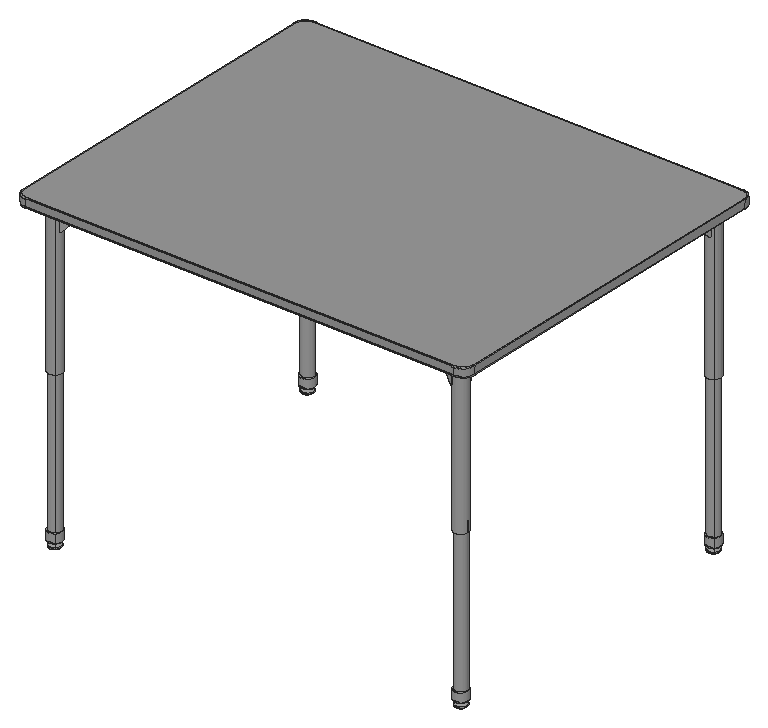
Revit family "Hierarchy Activity 60x48 Rectangle Table - Standing Height", category Furniture, Revit 2018
Family settings
  Work Plane-Based = No
  Always vertical = Yes
  Cut with Voids When Loaded = No
  Shared = No
  Room Calculation Point = No
Parameters
  Table Height = 3' - 5"
  Surface = Hierarchy Activity 60x48 Rectangle Table Standing Surface
  Leg Finish = Hierarchy Leg Platinum
  Edgeband = Hierarchy Activity 60x48 Rectangle Table Standing Edgeband
  Caster/Glide = Hierarchy Standing Leg - Glide : Hierarchy Standing Leg - Glide
Reference planes (in)
  plane 1 "Center (Front/Back)": y = 0
  plane 2: z = 0
  plane 3 "Center (Left/Right)": x = 0
  plane 4: z = 41
Dimensions and locks (in)
  "Table Height": plane 4 to level
  aligned and locked: plane 2 to level
  aligned and locked: nested 1 to plane 4
Nested families (in)
  nested 1: "Activity 60x48 Tabletop" at (0, 0, 17.075), type "Activity 60x48 Tabletop"
  nested 2: "Hierarchy Standing Leg - Glide" at (-27, 21, 0) x (0.7071, 0.7071, 0) z (0, 0, 1), type <- "Caster/Glide", Leg Finish <- "Leg Finish", Leg Height <- "Table Height", type "Hierarchy Standing Leg - Glide"
  nested 3: "Hierarchy Standing Leg - Glide" at (-27, -21, 0) x (-0.7071, 0.7071, 0) z (0, 0, 1), type <- "Caster/Glide", Leg Finish <- "Leg Finish", Leg Height <- "Table Height", type "Hierarchy Standing Leg - Glide"
  nested 4: "Hierarchy Standing Leg - Glide" at (27, -21, 0) x (-0.7071, -0.7071, 0) z (0, 0, 1), Leg Finish <- "Leg Finish", Leg Height <- "Table Height", type "Hierarchy Standing Leg - Glide"
  nested 5: "Hierarchy Standing Leg - Glide" at (27, 21, 0) x (0.7071, -0.7071, 0) z (0, 0, 1), Leg Finish <- "Leg Finish", Leg Height <- "Table Height", type "Hierarchy Standing Leg - Glide"
Definition of nested family "Activity 60x48 Tabletop"
  Parameters (values of type "Activity 60x48 Tabletop")
    Surface = none
    Edgeband = none
  Reference planes (in)
    plane 1 "Center (Front/Back)": y = 0
    plane 2: z = 0
    plane 3 "Center (Left/Right)": x = 0
  Forms (in)
    Extrusion 1, solid, material <- "Surface"
      sketch origin (0, 0, 0) x (1, 0, 0) y (0, 1, 0)
        loop
          line (28.5, 23.88189) -> (-28.5, 23.88189)
          arc (-28.5, 23.88189) -> (-29.47714, 23.47714) -> (-29.88189, 22.5) r 1.38189
          line (-29.88189, 22.5) -> (-29.88189, -22.5)
          arc (-29.88189, -22.5) -> (-29.47714, -23.47714) -> (-28.5, -23.88189) r 1.38189
          line (-28.5, -23.88189) -> (28.5, -23.88189)
          arc (28.5, -23.88189) -> (29.47714, -23.47714) -> (29.88189, -22.5) r 1.38189
          line (29.88189, -22.5) -> (29.88189, 22.5)
          arc (29.88189, 22.5) -> (29.47714, 23.47714) -> (28.5, 23.88189) r 1.38189
      from 23.925 to 25.125
    Sweep 2, solid, material <- "Edgeband"
      path origin (0, 0, 0) x (1, 0, 0) y (0, 1, 0)
        loop
          line (28.5, 23.88189) -> (-28.5, 23.88189)
          arc (-28.5, 23.88189) -> (-29.47714, 23.47714) -> (-29.88189, 22.5) r 1.38189
          line (-29.88189, 22.5) -> (-29.88189, -22.5)
          arc (-29.88189, -22.5) -> (-29.47714, -23.47714) -> (-28.5, -23.88189) r 1.38189
          line (-28.5, -23.88189) -> (28.5, -23.88189)
          arc (28.5, -23.88189) -> (29.47714, -23.47714) -> (29.88189, -22.5) r 1.38189
          line (29.88189, -22.5) -> (29.88189, 22.5)
          arc (29.88189, 22.5) -> (29.47714, 23.47714) -> (28.5, 23.88189) r 1.38189
      profile origin (0, 23.88189, 0) x (0, -1, 0) y (0, 0, 1)
        loop
          arc (0, 25.125) -> (-0.08352, 25.09041) -> (-0.11811, 25.00689) r 0.11811
          line (-0.11811, 25.00689) -> (-0.11811, 24.04311)
          arc (-0.11811, 24.04311) -> (-0.08352, 23.95959) -> (0, 23.925) r 0.11811
          line (0, 23.925) -> (0, 25.125)
  Dimensions and locks (in)
    aligned and locked: plane 2 to level
Definition of nested family "Hierarchy Standing Leg - Glide"
  Parameters (values of type "Hierarchy Standing Leg - Glide")
    Leg Finish [instance] = none
    Leg Height [instance] = 3' - 5"
  Reference planes (in)
    plane 1 "Center (Front/Back)": y = 0
    plane 2: z = 0
    plane 3 "Center (Left/Right)": x = 0
  Forms (in)
    Extrusion 1, solid
      sketch origin (-0.01562, 0, 0) x (1, 0, 0) y (0, 1, 0)
        loop
          circle (0.01563, 0) r 0.79147
      from 2 to 23.175
    Revolve 2, solid
      sketch origin (0, 0, 0) x (1, 0, 0) y (0, 0, 1)
        loop
          line (0, 2) -> (0, 0.74937) -> (0.84838, 0.74937)
          arc (0.84838, 0.74937) -> (0.89342, 0.76803) -> (0.91207, 0.81306) r 0.06369
          line (0.91207, 0.81306) -> (0.91207, 1.93631)
          arc (0.91207, 1.93631) -> (0.89342, 1.98134) -> (0.84838, 2) r 0.06369
          line (0.84838, 2) -> (0, 2)
        axis (0, 2) -> (0, 0.74937)
      angle from 0 to 360
    Revolve 3, solid
      sketch origin (0, 0, 0) x (1, 0, 0) y (0, 0, 1)
        loop
          line (0, 0.75) -> (0, 0) -> (0.74583, 0) -> (0.79147, 0.09013) -> (0.79147, 0.16241) -> (0.12474, 0.5) -> (0.12474, 0.75) -> (0, 0.75)
        axis (0, 0.75) -> (0, 0)
      angle from 0 to 360
  Dimensions and locks (in)
    "Leg Height": nested 1 to level
    aligned and locked: plane 2 to level
  Automatic sketch dimensions
    plane 1 "Center (Front/Back)" to Extrusion 1 sketch curve = 0' - 0"
    Extrusion 1 sketch curve to plane 3 "Center (Left/Right)" = 0' - 0"
    Revolve 2 sketch curve to plane 3 "Center (Left/Right)" = 0' - 0"  (x2)
    plane 3 "Center (Left/Right)" to Revolve 2 sketch curve = 0' - 0.84838"
    Revolve 2 sketch curve to Revolve 2 sketch curve = 0' - 0.84838"
    Revolve 2 sketch curve to Revolve 2 sketch curve = 0' - 0.06369"
    level to Revolve 2 sketch curve = 0' - 0.74937"
    Revolve 2 sketch curve to Revolve 2 sketch curve = 0' - 1.12324"
    Revolve 2 sketch curve to Revolve 2 sketch curve = 0' - 0.13731"
    Revolve 2 sketch curve to Revolve 2 sketch curve = 0' - 0 3/4"
    Revolve 3 sketch curve to plane 3 "Center (Left/Right)" = 0' - 0"  (x2)
    Revolve 3 sketch curve to level = 0' - 0"
    plane 3 "Center (Left/Right)" to Revolve 3 sketch curve = 0' - 0.12474"
    plane 3 "Center (Left/Right)" to Revolve 3 sketch curve = 0' - 0.74583"
    Revolve 3 sketch curve to Revolve 3 sketch curve = 0' - 0.04564"
    level to Revolve 3 sketch curve = 0' - 0.09013"
    Revolve 3 sketch curve to Revolve 3 sketch curve = 0' - 0.07228"
    level to Revolve 3 sketch curve = 0' - 0 1/2"
    Revolve 3 sketch curve to Revolve 3 sketch curve = 0' - 0 1/4"
    Revolve 3 sketch curve to level = 0' - 0 1/8"
    Revolve 3 sketch curve to Revolve 3 sketch curve = 0' - 0 1/8"
    radius of Extrusion 1 sketch curve = 0' - 0.79147"
  Nested families (in)
    nested 1: "Hierarchy Standing Upper Leg 2023" at (0, 0, 0.19983), Leg Finish <- "Leg Finish", type "Hierarchy Standing Upper Leg 2023"
      with Leg Finish none
  Definition of nested family "Hierarchy Standing Upper Leg 2023"
    Parameters (values of type "Hierarchy Standing Upper Leg 2023")
      Leg Finish [instance] = none
    Reference planes (in)
      plane 1 "Center (Front/Back)": y = 0
      plane 2: z = 0
      plane 3 "Center (Left/Right)": x = 0
    Forms (in)
      Extrusion 1, solid, material <- "Leg Finish"
        sketch origin (0, 0, 0) x (1, 0, 0) y (0, 1, 0)
          loop
            circle (0, 0) r 0.9129
        from 20.67418 to 40.67418
      Extrusion 2, solid, material <- "Leg Finish"
        sketch origin (0, 0, 12.998) x (1, 0, 0) y (0, 1, 0)
          loop
            line (-1.70174, 0.19183) -> (-3.96611, -4.49738)
            arc (-3.96611, -4.49738) -> (-3.91977, -5.33444) -> (-3.18615, -5.74016) r 0.86614
            line (-3.18615, -5.74016) -> (3.18615, -5.74016)
            arc (3.18615, -5.74016) -> (3.91977, -5.33444) -> (3.96611, -4.49738) r 0.86614
            line (3.96611, -4.49738) -> (1.70174, 0.19183)
            arc (1.70174, 0.19183) -> (0, 1.25984) -> (-1.70174, 0.19183) r 1.88976
        from 27.67618 to 27.80217
      Extrusion 3, solid, material <- "Leg Finish"
        sketch origin (12.41967, 1.58692, 0) x (0.434844, 0.900506, 0) y (0, 0, 1)
          loop
            arc (-12.68776, 40.67418) -> (-12.80559, 40.56418) -> (-12.70394, 40.43908) r 0.11811
            arc (-12.70394, 40.43908) -> (-9.98192, 39.53509) -> (-7.76426, 37.71614) r 7.87402
            arc (-7.76426, 37.71614) -> (-7.63344, 37.68136) -> (-7.55587, 37.79229) r 0.11811
            line (-7.55587, 37.79229) -> (-7.55587, 40.67418) -> (-12.68776, 40.67418)
        from -11.10976 to -10.98378
      Extrusion 4, solid, material <- "Leg Finish"
        sketch origin (-12.41967, 1.58692, 0) x (-0.434844, 0.900506, 0) y (0, 0, -1)
          loop
            line (-12.68776, -40.67418) -> (-7.55587, -40.67418) -> (-7.55587, -37.79229)
            arc (-7.55587, -37.79229) -> (-7.63344, -37.68136) -> (-7.76426, -37.71614) r 0.11811
            arc (-7.76426, -37.71614) -> (-9.98192, -39.53509) -> (-12.70394, -40.43908) r 7.87402
            arc (-12.70394, -40.43908) -> (-12.80559, -40.56418) -> (-12.68776, -40.67418) r 0.11811
        from -11.10976 to -10.98378
    Dimensions and locks (in)
      aligned and locked: plane 2 to level
